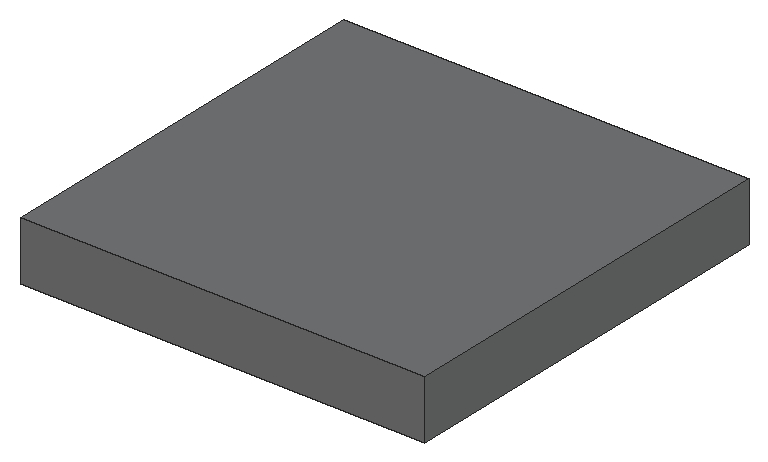
Revit family "Gira_028526", category Electrical Fixtures, host Face, Revit 2017
Family settings
  Host = Face
  Maintain Annotation Orientation = No
  Round Connector Dimension = Use Diameter
  Part Type = Normal
  Cut with Voids When Loaded = No
  Shared = No
  Room Calculation Point = No
Parameters (values of type "Rocker sym.light System 55 c.alum.")
  With exchangeable lens/symbol = "No"
  URL = "http://katalog.gira.de/en/datenblatt.html?artikelnr=028526"
  Suitable for touch sensor connector for bus system = "No"
  Scannable symbol / barrier free = "No"
  Name = "Rocker sym.light System 55 c.alum."
  Monitoring window/light outlet = "No"
  Model = "Single rocker"
  Manufacturer URL = "https://www.gira.de/"
  Manufacturer = "Gira"
  Keynote = ""
  HeinzeBIM = "https://bimportal.heinze.de/bim/rocker-sym-light-system-55-c-alum-/5227e7b1f5aafd33c095cfa98066bb95cebaf9ce"
  HAN = "028526"
  GTIN = "4010337285267"
  Description = "Rock.sym.light Sys55 CAl,Rocker with symbol,Light,colour aluminium,"
  Default Elevation = 1219.2 mm
  Data sheet (1) = "https://katalog.gira.de/en/download.html?artikelnr=028526"
  Category = "Control element/cover plate for domestic switching devices"
  BIM (1) = "https://media.stage.bim.site/public/gira/36a6b08/Sys55_Abdeckung_Schalten und Tasten.rfa?public/gira/36a6b08/Sys55_Abdeckung_Schalten und Tasten.rfa"
  Available = "No"
  Anthrazit [instance] = Anthrazit
Reference planes
  plane 1 "Center (Front/Back)": y = 0
  plane 2: z = 0
  plane 3 "Center (Left/Right)": x = 0
Forms (mm)
  Extrusion 1, solid, material "Anthrazit" <- "Anthrazit", detail levels fine
    sketch origin (0, 0, 0) x (1, 0, 0) y (0, 1, 0)
      loop
        line (-27.5, 27.5) -> (-27.5, -27.5) -> (27.5, -27.5) -> (27.5, 27.5) -> (-27.5, 27.5)
    from 0 to 8
  Extrusion 2, void
    sketch origin (0, 0, 0) x (1, 0, 0) y (0, 1, 0)
      loop
        line (26, 26) -> (-26, 26) -> (-26, -26) -> (26, -26) -> (26, 26)
    from 0 to 6
  Extrusion 3, solid, material "Anthrazit" <- "Anthrazit", detail levels medium
    sketch origin (0, 0, 0) x (1, 0, 0) y (0, 1, 0)
      loop
        line (-27.5, 27.5) -> (-27.5, -27.5) -> (27.5, -27.5) -> (27.5, 27.5) -> (-27.5, 27.5)
    from 0 to 8
  Extrusion 4, solid, material "Anthrazit" <- "Anthrazit", detail levels medium
    sketch origin (0, 0, 0) x (1, 0, 0) y (0, 1, 0)
      loop
        line (11, -17.5) -> (11, 17.5) -> (-11, 17.5) -> (-11, -17.5) -> (11, -17.5)
    from -6 to 6
  Extrusion 5, solid, material "Anthrazit" <- "Anthrazit", detail levels fine
    sketch origin (0, 0, 0) x (1, 0, 0) y (0, 1, 0)
      loop
        line (11, 17.5) -> (-11, 17.5) -> (-11, 16.5) -> (11, 16.5) -> (11, 17.5)
      loop
        line (-11, -16.5) -> (-11, -17.5) -> (11, -17.5) -> (11, -16.5) -> (-11, -16.5)
    from -4 to 6
  Extrusion 6, solid, material "Anthrazit" <- "Anthrazit", detail levels fine
    sketch origin (0, 0, 0) x (1, 0, 0) y (0, 1, 0)
      loop
        arc (5, 9.347) -> (0, 10.6) -> (-5, 9.347) r 10.6
        line (-5, 9.347) -> (-5, -9.347)
        arc (-5, -9.347) -> (0, -10.6) -> (5, -9.347) r 10.6
        line (5, -9.347) -> (5, 9.347)
    from -6 to 6
  Extrusion 7, solid, material "Anthrazit" <- "Anthrazit", detail levels coarse
    sketch origin (0, 0, 0) x (1, 0, 0) y (0, 1, 0)
      loop
        line (-27.5, 27.5) -> (-27.5, -27.5) -> (27.5, -27.5) -> (27.5, 27.5) -> (-27.5, 27.5)
    from -6 to 8
Cuts and joins
  Extrusion 2 cuts Extrusion 1
Dimensions and locks
  aligned and locked: plane 2 to host face
  aligned and locked: level to host face
